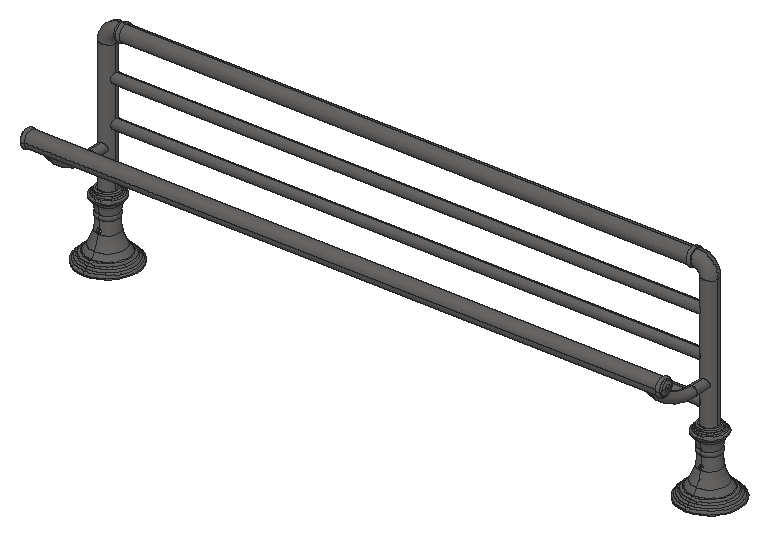
Revit family "Accessory-Towel_Bar-KOHLER-DEVONSHIRE-K-98072T_1", category Specialty Equipment, host Face, Revit 2021
Family settings
  Host = Face
  Round Connector Dimension = Use Diameter
  Part Type = Normal
  OmniClass Number = 23.31.25.25
  OmniClass Title = Towel Bars
  Cut with Voids When Loaded = No
  Shared = No
  Room Calculation Point = No
Parameters (values of type "2BZ-Oil Rubbed Bronze")
  Width = 8 189/256"  # constant formula
  WaterSense Certified = 1 = 0  # no
  URL = "http://www.kohler.com.cn/"
  Type = 1
  Product Page URL = "https://www.kohler.com.cn/product/K-98072T-CP/K-98072T-2BZ/"
  Product Name = "Devonshire"  # constant formula
  Product Documentation Link = "https://files.kohler.com.cn/pdfs/98072t.pdf"
  Model = if(Type = 1, "K-98072T-2BZ", if(Type = 2, "K-98072T-CP", "NA"))  # "K-98072T-2BZ"
  Material = "Premium Metal Construction"  # constant formula
  Master Format 2014 Name = "Toilet, Bath, and Laundry Accessories"  # constant formula
  Master Format 2014 = "10 28 00"  # constant formula
  Manufacturer Address = "Kohler Beijing Office (100016) 36-2-03-B, No. 88, Liuxiang Road, Beijing"  # constant formula
  Manufacturer = "Kohler Co."  # constant formula
  Length = 26 105/256"  # constant formula
  Height = 4.6378"  # constant formula
  Finish = Kohler-Metal-2BZ-Oil_Rubbed_Bronze
  Environmental Product Declaration = ""
  Description = "Double Shelf"  # constant formula
  Default Elevation = 42"
  Declare Label = ""
  Date Modified = "12/28/2022"  # constant formula
  Date Created = "12/28/2022"  # constant formula
  Copyright = "Copyright Kohler Co."  # constant formula
  Contact Us = "http://www.kohler.com.cn/contact/contact-us/"
  Assembly Code = "C1030200"
  ADA Compliant = 1 = 0  # no
Types (3): name | Type | Product Page URL | Model | Finish
  (no name) | 1 | "https://www.kohler.com.cn/product/K-98072T-CP/K-98072T-2BZ/" | "K-98072T-2BZ" | Kohler-Metal-2BZ-Oil_Rubbed_Bronze
  2BZ-Oil Rubbed Bronze | 1 | "https://www.kohler.com.cn/product/K-98072T-CP/K-98072T-2BZ/" | "K-98072T-2BZ" | Kohler-Metal-2BZ-Oil_Rubbed_Bronze
  CP-Polished Chrome | 2 | "https://www.kohler.com.cn/product/K-98072T-CP/K-98072T-CP/" | "K-98072T-CP" | Kohler-Metal-CP-Polished_Chrome
Reference planes (in)
  plane 1 "Center (Front/Back)": y = 0
  plane 2: z = 0
  plane 3 "Center (Left/Right)": x = 0
  plane 4: y = -1.19685
  plane 5: y = 1.19768
  plane 6: z = 8.73828
  plane 7: z = 8.69455
  plane 8: y = -3.44011
  plane 9: z = 6.45512
  plane 10: z = 4.81785
  plane 11: z = 6.84882
  plane 12: z = 3.15088
  plane 13: z = 3.54458
  plane 14: y = -3.12992
  plane 15: y = -2.8189
  plane 16: z = 8.07248
  plane 17: x = 13.20472
  plane 18: x = 10.81102
  plane 19: x = -13.20543
  plane 20: x = -12.00787
  plane 21: x = -10.81102
  plane 22: x = 12.00787
  plane 23: x = -11.69291
  plane 24: x = -12.32283
  plane 25: x = 12.32283
  plane 26: x = 11.69291
  plane 27: z = 5.21205
  plane 28: y = 0.30891
  plane 29: z = 8.38353
Dimensions and locks (in)
  plane 5 to plane 4 = 2 101/256"
  "Length": plane 19 to plane 17
  "Width": level to plane 6
  "Height": plane 5 to plane 8
  plane 20 to plane 22 = 24.01575"
  plane 29 to level = 8.38353"
  aligned and locked: plane 2 to host face
  aligned and locked: level to host face
Automatic sketch dimensions
  host sketch curve to host sketch curve = 96"  (x2)
Nested families (in)
  nested 1: "K-98072T" at (0, 0, 0), type "K-98072T"
Definition of nested family "K-98072T"
  Parameters
    Material = none
    Default Elevation = 0"
  Reference planes (in)
    plane 1 "Center (Front/Back)": y = 0
    plane 2: z = 0
    plane 3 "Center (Left/Right)": x = 0
    plane 4: y = 1.19685
    plane 5: y = -1.19685
    plane 6: y = -3.12992
    plane 7: y = -2.8189
    plane 8: y = -3.44094
    plane 9: x = -12.00787
    plane 10: x = 12.00787
    plane 11: x = 11.69291
    plane 12: x = 12.32283
    plane 13: x = -12.32283
    plane 14: x = -11.69291
    plane 15: z = 3.54458
    plane 16: z = 3.15088
    plane 17: z = 5.21155
    plane 18: z = 4.81785
    plane 19 "a": z = 8.69455
    plane 20: z = 8.07248
    plane 21: z = 6.84882
    plane 22: z = 6.45512
    plane 23: x = 13.20472
    plane 24: x = 10.81102
    plane 25: x = -10.81102
    plane 26: x = -13.20472
    plane 27: z = 8.73678
  Forms (in)
    Revolve 1, solid, material <- "Material", detail levels medium+fine
      sketch origin (-12.01149, 0, 0) x (0, 1, 0) y (0, 0, 1)
        loop
          line (-0.00212, 0) -> (1.19532, 0) -> (1.19532, 0.03442)
          arc (1.19532, 0.03442) -> (1.1776, 0.08315) -> (1.13272, 0.10911) r 0.07585
          arc (1.13272, 0.10911) -> (1.08626, 0.13301) -> (1.06137, 0.17896) r 0.08851
          arc (1.06137, 0.17896) -> (1.0405, 0.21754) -> (1.00153, 0.23767) r 0.07443
          arc (1.00153, 0.23767) -> (0.95763, 0.26042) -> (0.9343, 0.30402) r 0.08347
          arc (0.9343, 0.30402) -> (0.90529, 0.35283) -> (0.85181, 0.37193) r 0.08378
          arc (0.85181, 0.37193) -> (0.82701, 0.37754) -> (0.80712, 0.3934) r 0.05691
          arc (0.80712, 0.3934) -> (0.7278, 0.4996) -> (0.65514, 0.61047) r 2.16009
          arc (0.65514, 0.61047) -> (0.52581, 0.868) -> (0.44141, 1.14355) r 1.71583
          arc (0.44141, 1.14355) -> (0.40137, 1.38985) -> (0.38713, 1.63896) r 2.39971
          arc (0.38713, 1.63896) -> (0.44395, 1.72305) -> (0.39245, 1.8105) r 0.09503
          arc (0.39245, 1.8105) -> (0.42873, 1.99377) -> (0.49725, 2.16759) r 1.03932
          arc (0.49725, 2.16759) -> (0.55077, 2.25121) -> (0.62039, 2.32199) r 0.47865
          arc (0.62039, 2.32199) -> (0.63102, 2.3353) -> (0.63539, 2.35176) r 0.04141
          arc (0.63539, 2.35176) -> (0.61848, 2.41011) -> (0.56902, 2.44539) r 0.0925
          arc (0.56902, 2.44539) -> (0.54371, 2.46235) -> (0.53271, 2.49077) r 0.05064
          arc (0.53271, 2.49077) -> (0.51996, 2.52326) -> (0.49071, 2.54229) r 0.05718
          arc (0.49071, 2.54229) -> (0.47698, 2.5501) -> (0.4687, 2.56354) r 0.03182
          arc (0.4687, 2.56354) -> (0.45945, 2.58669) -> (0.44668, 2.6081) r 0.15838
          arc (0.44668, 2.6081) -> (0.42295, 2.62874) -> (0.39238, 2.63617) r 0.06655
          line (0.39238, 2.63617) -> (-0.00212, 2.63617) -> (-0.00212, 0)
        axis (-0.00212, 0) -> (-0.00212, 2.63617)
      angle from 0 to 360
    Revolve 2, solid, material <- "Material", detail levels medium+fine
      sketch origin (12.01149, 0, 0) x (0, 1, 0) y (0, 0, -1)
        loop
          line (-0.00212, 0) -> (-0.00212, -2.63617) -> (0.39238, -2.63617)
          arc (0.39238, -2.63617) -> (0.42295, -2.62874) -> (0.44668, -2.6081) r 0.06655
          arc (0.44668, -2.6081) -> (0.45945, -2.58669) -> (0.4687, -2.56354) r 0.15838
          arc (0.4687, -2.56354) -> (0.47698, -2.5501) -> (0.49071, -2.54229) r 0.03182
          arc (0.49071, -2.54229) -> (0.51996, -2.52326) -> (0.53271, -2.49077) r 0.05718
          arc (0.53271, -2.49077) -> (0.54371, -2.46235) -> (0.56902, -2.44539) r 0.05064
          arc (0.56902, -2.44539) -> (0.61848, -2.41011) -> (0.63539, -2.35176) r 0.0925
          arc (0.63539, -2.35176) -> (0.63102, -2.3353) -> (0.62039, -2.32199) r 0.04141
          arc (0.62039, -2.32199) -> (0.55077, -2.25121) -> (0.49725, -2.16759) r 0.47865
          arc (0.49725, -2.16759) -> (0.42873, -1.99377) -> (0.39245, -1.8105) r 1.03932
          arc (0.39245, -1.8105) -> (0.44395, -1.72305) -> (0.38713, -1.63896) r 0.09503
          arc (0.38713, -1.63896) -> (0.40137, -1.38985) -> (0.44141, -1.14355) r 2.39971
          arc (0.44141, -1.14355) -> (0.52581, -0.868) -> (0.65514, -0.61047) r 1.71583
          arc (0.65514, -0.61047) -> (0.7278, -0.4996) -> (0.80712, -0.3934) r 2.16009
          arc (0.80712, -0.3934) -> (0.82701, -0.37754) -> (0.85181, -0.37193) r 0.05691
          arc (0.85181, -0.37193) -> (0.90529, -0.35283) -> (0.9343, -0.30402) r 0.08378
          arc (0.9343, -0.30402) -> (0.95763, -0.26042) -> (1.00153, -0.23767) r 0.08347
          arc (1.00153, -0.23767) -> (1.0405, -0.21754) -> (1.06137, -0.17896) r 0.07443
          arc (1.06137, -0.17896) -> (1.08626, -0.13301) -> (1.13272, -0.10911) r 0.08851
          arc (1.13272, -0.10911) -> (1.1776, -0.08315) -> (1.19532, -0.03442) r 0.07585
          line (1.19532, -0.03442) -> (1.19532, 0) -> (-0.00212, 0)
        axis (-0.00212, 0) -> (-0.00212, -2.63617)
      angle from 0 to 360
    Sweep 3, solid, material <- "Material", detail levels medium+fine
      path origin (0, 0, 0) x (1, 0, 0) y (0, 0, 1)
        loop
          line (-12.01149, 0) -> (-12.01149, 7.8867)
          arc (-12.01149, 7.8867) -> (-11.86597, 8.23801) -> (-11.51466, 8.38353) r 0.49683
          line (-11.51466, 8.38353) -> (-11.45308, 8.38353)
      profile origin (-12.01149, 0, 3.94335) x (-1, 0, 0) y (0, -1, 0)
        loop
          circle (0, 0) r 0.31496
    Revolve 4, solid, material <- "Material", detail levels medium+fine
      sketch origin (0, 0, 0) x (1, 0, 0) y (0, 0, 1)
        loop
          line (11.45308, 8.38353) -> (11.45308, 8.69457)
          arc (11.45308, 8.69457) -> (11.38615, 8.7363) -> (11.31922, 8.69457) r 0.07454
          line (11.31922, 8.69457) -> (-11.31922, 8.69457)
          arc (-11.31922, 8.69457) -> (-11.38615, 8.7363) -> (-11.45308, 8.69457) r 0.07454
          line (-11.45308, 8.69457) -> (-11.45308, 8.38353) -> (11.45308, 8.38353)
        axis (11.45308, 8.38353) -> (-11.45308, 8.38353)
      angle from 0 to 360
    Sweep 5, solid, material <- "Material", detail levels medium+fine
      path origin (0, 0, 0) x (-1, 0, 0) y (0, 0, -1)
        loop
          line (-12.01149, 0) -> (-12.01149, -7.8867)
          arc (-12.01149, -7.8867) -> (-11.86597, -8.23801) -> (-11.51466, -8.38353) r 0.49683
          line (-11.51466, -8.38353) -> (-11.45308, -8.38353)
      profile origin (12.01149, 0, 3.94335) x (-1, 0, 0) y (0, -1, 0)
        loop
          circle (0, 0) r 0.31496
    Revolve 6, solid, material <- "Material", detail levels medium+fine
      sketch origin (0, 0, 0) x (1, 0, 0) y (0, 0, 1)
        loop
          line (-11.75404, 5.21155) -> (-11.75404, 5.0147) -> (11.75362, 5.0147) -> (11.75362, 5.21155) -> (-11.75404, 5.21155)
        axis (-11.75404, 5.0147) -> (11.75362, 5.0147)
      angle from 0 to 360
    Revolve 7, solid, material <- "Material", detail levels medium+fine
      sketch origin (0, 0, 0) x (1, 0, 0) y (0, 0, 1)
        loop
          line (11.75362, 3.34773) -> (11.75362, 3.54458) -> (-11.85108, 3.54458) -> (-11.85108, 3.34773) -> (11.75362, 3.34773)
        axis (-11.85108, 3.34773) -> (11.75362, 3.34773)
      angle from 0 to 360
    Revolve 8, solid, material <- "Material", detail levels medium+fine
      sketch origin (0, 0, 0) x (1, 0, 0) y (0, 0, 1)
        loop
          line (11.78095, 6.65197) -> (11.78095, 6.84882) -> (-11.76664, 6.84882) -> (-11.76664, 6.65197) -> (11.78095, 6.65197)
        axis (-11.76664, 6.65197) -> (11.78095, 6.65197)
      angle from 0 to 360
    Sweep 9, solid, material <- "Material"
      path origin (0, 0, 0) x (0, 1, 0) y (0, 0, 1)
        loop
          arc (-3.10692, 5.49892) -> (-2.1994, 4.52782) -> (-0.9195, 4.16935) r 2.46416
          line (-0.9195, 4.16935) -> (-0.24489, 4.16935)
      profile origin (0, -0.5822, 4.16935) x (0, 0, 1) y (1, 0, 0)
        loop
          circle (0, -12.00787) r 0.19685
    Sweep 10, solid, material <- "Material"
      path origin (0, 0, 0) x (0, 1, 0) y (0, 0, -1)
        loop
          arc (-3.10692, -5.49892) -> (-2.1994, -4.52782) -> (-0.9195, -4.16935) r 2.46416
          line (-0.9195, -4.16935) -> (-0.24489, -4.16935)
      profile origin (0, -0.5822, 4.16935) x (0, 0, -1) y (-1, 0, 0)
        loop
          circle (0, -12.00787) r 0.19685
    Revolve 11, solid, material <- "Material", detail levels medium+fine
      sketch origin (-0.00309, 0, 5.52299) x (1, 0, 0) y (0, 1, 0)
        loop
          line (-12.82858, -3.13054) -> (12.82243, -3.13054) -> (12.82243, -3.09201)
          arc (12.82243, -3.09201) -> (12.82023, -3.04796) -> (12.81368, -3.00434) r 0.44394
          arc (12.81368, -3.00434) -> (12.80025, -2.94508) -> (12.78397, -2.88653) r 1.25841
          arc (12.78397, -2.88653) -> (12.77275, -2.85964) -> (12.75642, -2.83552) r 0.14607
          line (12.75642, -2.83552) -> (12.72862, -2.81947)
          arc (12.72862, -2.81947) -> (12.66172, -2.77663) -> (12.59485, -2.8195) r 0.07362
          line (12.59485, -2.8195) -> (-12.60096, -2.8195)
          arc (-12.60096, -2.8195) -> (-12.66789, -2.77654) -> (-12.73482, -2.8195) r 0.07362
          line (-12.73482, -2.8195) -> (-12.76257, -2.83552)
          arc (-12.76257, -2.83552) -> (-12.7789, -2.85964) -> (-12.79012, -2.88653) r 0.14607
          arc (-12.79012, -2.88653) -> (-12.8064, -2.94508) -> (-12.81983, -3.00434) r 1.25841
          arc (-12.81983, -3.00434) -> (-12.82639, -3.04796) -> (-12.82858, -3.09201) r 0.44394
          line (-12.82858, -3.09201) -> (-12.82858, -3.13054)
        axis (12.82243, -3.13054) -> (-12.82858, -3.13054)
      angle from 0 to 360
    Revolve 12, void
      sketch origin (-12.01095, 0, 0) x (0, 1, 0) y (0, 0, 1)
        loop
          line (-0.48203, 1.34047) -> (-0.48203, 1.24803) -> (-0.14879, 1.24803) -> (-0.14879, 1.34047) -> (-0.48203, 1.34047)
        axis (-0.14879, 1.24803) -> (-0.48203, 1.24803)
      angle from 0 to 360
    Revolve 13, solid, detail levels medium+fine
      sketch origin (-12.01403, 0, 0) x (0, 1, 0) y (0, 0, 1)
        loop
          line (-0.16287, 1.33206) -> (-0.39712, 1.33206) -> (-0.39712, 1.247) -> (-0.16287, 1.247) -> (-0.16287, 1.33206)
        axis (-0.16287, 1.247) -> (-0.39712, 1.247)
      angle from 0 to 360
    Extrusion 14, void
      sketch origin (0, 0, 0) x (1, 0, 0) y (0, 0, 1)
        loop
          line (-11.96546, 1.24645) -> (-11.98878, 1.28683) -> (-12.03541, 1.28683) -> (-12.05873, 1.24645) -> (-12.03541, 1.20606) -> (-11.98878, 1.20606) -> (-11.96546, 1.24645)
      from 0.27347 to 0.4705
    Revolve 15, void
      sketch origin (12.01095, 0, 0) x (0, 1, 0) y (0, 0, -1)
        loop
          line (-0.48203, -1.34047) -> (-0.14879, -1.34047) -> (-0.14879, -1.24803) -> (-0.48203, -1.24803) -> (-0.48203, -1.34047)
        axis (-0.14879, -1.24803) -> (-0.48203, -1.24803)
      angle from 0 to 360
    Revolve 16, solid, detail levels medium+fine
      sketch origin (12.01403, 0, 0) x (0, 1, 0) y (0, 0, -1)
        loop
          line (-0.16287, -1.33426) -> (-0.16287, -1.247) -> (-0.39712, -1.247) -> (-0.39712, -1.33426) -> (-0.16287, -1.33426)
        axis (-0.16287, -1.247) -> (-0.39712, -1.247)
      angle from 0 to 360
    Extrusion 17, void
      sketch origin (0, 0, 0) x (-1, 0, 0) y (0, 0, -1)
        loop
          line (-11.96546, -1.24645) -> (-11.98878, -1.20606) -> (-12.03541, -1.20606) -> (-12.05873, -1.24645) -> (-12.03541, -1.28683) -> (-11.98878, -1.28683) -> (-11.96546, -1.24645)
      from 0.27347 to 0.4705
    Revolve 18, solid, material <- "Material", detail levels coarse
      sketch origin (12.01149, 0, 0) x (0, 1, 0) y (0, 0, 1)
        loop
          line (-0.00212, 0) -> (1.19532, 0) -> (1.19532, 0.05972) -> (0.8477, 0.40734) -> (0.38473, 1.63803)
          arc (0.38473, 1.63803) -> (0.44469, 1.72129) -> (0.39107, 1.80878) r 0.09264
          arc (0.39107, 1.80878) -> (0.46207, 2.06029) -> (0.60811, 2.27702) r 0.82568
          arc (0.60811, 2.27702) -> (0.62182, 2.36714) -> (0.58506, 2.45056) r 0.1632
          line (0.58506, 2.45056) -> (0.42931, 2.63617) -> (0, 2.63617) -> (-0.00212, 0)
        axis (-0.00212, 0) -> (0, 2.63652)
      angle from 0 to 360
    Revolve 19, solid, material <- "Material", detail levels coarse
      sketch origin (-12.01149, 0, 0) x (0, 1, 0) y (0, 0, -1)
        loop
          line (-0.00212, 0) -> (0, -2.63617) -> (0.42931, -2.63617) -> (0.58506, -2.45056)
          arc (0.58506, -2.45056) -> (0.62182, -2.36714) -> (0.60811, -2.27702) r 0.1632
          arc (0.60811, -2.27702) -> (0.46207, -2.06029) -> (0.39107, -1.80878) r 0.82568
          arc (0.39107, -1.80878) -> (0.44469, -1.72129) -> (0.38473, -1.63803) r 0.09264
          line (0.38473, -1.63803) -> (0.8477, -0.40734) -> (1.19532, -0.05972) -> (1.19532, 0) -> (-0.00212, 0)
        axis (-0.00212, 0) -> (0, -2.63652)
      angle from 0 to 360
    Sweep 20, solid, material <- "Material", detail levels coarse
      path origin (0, 0, 0) x (1, 0, 0) y (0, 0, 1)
        loop
          line (-12.01149, 2.63617) -> (-12.01149, 7.79298)
          arc (-12.01149, 7.79298) -> (-11.83852, 8.21056) -> (-11.42094, 8.38353) r 0.59055
          line (-11.42094, 8.38353) -> (11.42094, 8.38353)
          arc (11.42094, 8.38353) -> (11.83852, 8.21056) -> (12.01149, 7.79298) r 0.59055
          line (12.01149, 7.79298) -> (12.01149, 2.63617)
      profile origin (-12.01149, 0, 5.21458) x (-1, 0, 0) y (0, -1, 0)
        loop
          circle (0, 0) r 0.31762
    Extrusion 21, solid, material <- "Material", detail levels coarse
      sketch origin (0, 0, 0) x (0, 1, 0) y (0, 0, 1)
        loop
          circle (0, 6.65197) r 0.19685
        loop
          circle (0, 5.0147) r 0.19685
        loop
          circle (0, 3.34773) r 0.19685
      from -11.75404 to 11.75362
    Extrusion 22, solid, material <- "Material", detail levels coarse
      sketch origin (0, 0, 0) x (0, 1, 0) y (0, 0, 1)
        loop
          circle (-3.13054, 5.52299) r 0.31104
      from -12.60405 to 12.59177
  Cuts and joins
    Revolve 12, Revolve 15, Extrusion 17 cuts Revolve 1
    Revolve 12, Revolve 15, Extrusion 17 cuts Revolve 2
    Revolve 15, Extrusion 17 cuts Sweep 3
    Revolve 15, Extrusion 17 cuts Revolve 4
    Revolve 15, Extrusion 17 cuts Sweep 5
    Revolve 15, Extrusion 17 cuts Revolve 6
    Revolve 15, Extrusion 17 cuts Revolve 7
    Revolve 15, Extrusion 17 cuts Revolve 8
    joined: Revolve 1, Revolve 2, Sweep 3, Revolve 4, Sweep 5, Revolve 6, Revolve 7, Revolve 8
    Extrusion 14, Revolve 15, Extrusion 17 cuts Revolve 13
    Extrusion 17 cuts Revolve 16
  Lines and regions (in)
    Masking region 1
      outline origin (0, 0, 0) x (1, 0, 0) y (0, 1, 0)
        loop
          arc (-10.85173, 0.30948) -> (-12.89275, 0.80588) -> (-12.2082, -1.17997) r 1.19685
          line (-12.2082, -1.17997) -> (-12.2082, -2.8189) -> (-12.60204, -2.8189)
          arc (-12.60204, -2.8189) -> (-12.66992, -2.77666) -> (-12.73669, -2.82063) r 0.07414
          arc (-12.73669, -2.82063) -> (-12.7568, -2.83315) -> (-12.77147, -2.85176) r 0.06879
          arc (-12.77147, -2.85176) -> (-12.81461, -2.96266) -> (-12.82929, -3.08076) r 0.48241
          line (-12.82929, -3.08076) -> (-12.82929, -3.12992) -> (-12.82929, -3.17909)
          arc (-12.82929, -3.17909) -> (-12.81461, -3.29718) -> (-12.77147, -3.40809) r 0.48241
          arc (-12.77147, -3.40809) -> (-12.7568, -3.42669) -> (-12.73669, -3.43921) r 0.06879
          arc (-12.73669, -3.43921) -> (-12.66992, -3.48318) -> (-12.60204, -3.44094) r 0.07414
          line (-12.60204, -3.44094) -> (-12.2082, -3.44094) -> (12.18887, -3.44094) -> (12.59589, -3.44094)
          arc (12.59589, -3.44094) -> (12.66377, -3.48318) -> (12.73054, -3.43921) r 0.07414
          arc (12.73054, -3.43921) -> (12.75065, -3.42669) -> (12.76532, -3.40809) r 0.06879
          arc (12.76532, -3.40809) -> (12.80846, -3.29718) -> (12.82314, -3.17909) r 0.48241
          line (12.82314, -3.17909) -> (12.82314, -3.12992) -> (12.82314, -3.08076)
          arc (12.82314, -3.08076) -> (12.80846, -2.96266) -> (12.76532, -2.85176) r 0.48241
          arc (12.76532, -2.85176) -> (12.75065, -2.83315) -> (12.73054, -2.82063) r 0.06879
          arc (12.73054, -2.82063) -> (12.66377, -2.77666) -> (12.59589, -2.8189) r 0.07414
          line (12.59589, -2.8189) -> (12.2082, -2.8189) -> (12.2082, -1.1815)
          arc (12.2082, -1.1815) -> (12.89329, 0.80375) -> (10.85214, 0.30948) r 1.19685
          line (10.85214, 0.30948) -> (-10.85173, 0.30948)
        loop
          arc (-10.85173, -0.30948) -> (-11.2048, -0.88743) -> (-11.81503, -1.18121) r 1.19685
          line (-11.81503, -1.18121) -> (-11.81503, -2.8189) -> (11.81503, -2.8189) -> (11.81503, -1.18121)
          arc (11.81503, -1.18121) -> (11.2048, -0.88743) -> (10.85173, -0.30948) r 1.19685
          line (10.85173, -0.30948) -> (-10.85173, -0.30948)
    Masking region 2
      outline origin (0, 0, 0) x (1, 0, 0) y (0, 0, 1)
        loop
          line (13.20472, 0) -> (13.20472, 0.03347)
          arc (13.20472, 0.03347) -> (13.18531, 0.08538) -> (13.1366, 0.1118) r 0.0791
          arc (13.1366, 0.1118) -> (13.09235, 0.13343) -> (13.06939, 0.17701) r 0.07936
          arc (13.06939, 0.17701) -> (13.04775, 0.21852) -> (13.00598, 0.23965) r 0.07648
          arc (13.00598, 0.23965) -> (12.96276, 0.26154) -> (12.94048, 0.30456) r 0.07895
          arc (12.94048, 0.30456) -> (12.91265, 0.35293) -> (12.85997, 0.3714) r 0.08012
          arc (12.85997, 0.3714) -> (12.83117, 0.37854) -> (12.80979, 0.39913) r 0.05737
          arc (12.80979, 0.39913) -> (12.78108, 0.43463) -> (12.75358, 0.47107) r 1.36584
          arc (12.75358, 0.47107) -> (12.63862, 0.64879) -> (12.54411, 0.83819) r 1.90289
          arc (12.54411, 0.83819) -> (12.47601, 1.02656) -> (12.4311, 1.22176) r 1.66052
          arc (12.4311, 1.22176) -> (12.40427, 1.43091) -> (12.39349, 1.6415) r 2.75827
          arc (12.39349, 1.6415) -> (12.45299, 1.726) -> (12.39349, 1.8105) r 0.08975
          arc (12.39349, 1.8105) -> (12.40652, 1.90814) -> (12.42768, 2.00436) r 1.17573
          arc (12.42768, 2.00436) -> (12.47306, 2.12152) -> (12.54316, 2.2258) r 0.56623
          arc (12.54316, 2.2258) -> (12.58644, 2.27555) -> (12.63099, 2.32418) r 2.56581
          arc (12.63099, 2.32418) -> (12.63922, 2.33741) -> (12.64173, 2.35279) r 0.03966
          arc (12.64173, 2.35279) -> (12.6195, 2.41408) -> (12.56569, 2.45088) r 0.10635
          arc (12.56569, 2.45088) -> (12.54912, 2.46222) -> (12.54231, 2.4811) r 0.03269
          arc (12.54231, 2.4811) -> (12.52878, 2.51974) -> (12.49567, 2.54382) r 0.06869
          arc (12.49567, 2.54382) -> (12.48229, 2.55254) -> (12.47476, 2.56662) r 0.03212
          arc (12.47476, 2.56662) -> (12.46402, 2.59302) -> (12.44611, 2.6152) r 0.09756
          arc (12.44611, 2.6152) -> (12.43052, 2.62692) -> (12.4129, 2.63531) r 0.09756
          line (12.4129, 2.63531) -> (12.37317, 2.63531)
          arc (12.37317, 2.63531) -> (12.38869, 2.64268) -> (12.3928, 2.65936) r 0.02003
          arc (12.3928, 2.65936) -> (12.37982, 2.72789) -> (12.36886, 2.79678) r 2.36923
          arc (12.36886, 2.79678) -> (12.33663, 3.07169) -> (12.31894, 3.34792) r 5.25063
          line (12.31894, 3.34792) -> (12.32284, 5.2115) -> (12.59481, 5.2115)
          arc (12.59481, 5.2115) -> (12.66174, 5.16774) -> (12.72867, 5.2115) r 0.07307
          arc (12.72867, 5.2115) -> (12.75176, 5.22014) -> (12.7668, 5.23968) r 0.04488
          arc (12.7668, 5.23968) -> (12.78606, 5.29224) -> (12.80251, 5.34575) r 1.05595
          arc (12.80251, 5.34575) -> (12.81711, 5.41642) -> (12.82201, 5.48842) r 0.53155
          line (12.82201, 5.48842) -> (12.82201, 5.56383)
          arc (12.82201, 5.56383) -> (12.81258, 5.66573) -> (12.78461, 5.76417) r 0.55521
          arc (12.78461, 5.76417) -> (12.76205, 5.80323) -> (12.72867, 5.83357) r 0.14642
          arc (12.72867, 5.83357) -> (12.66174, 5.87721) -> (12.59481, 5.83357) r 0.07314
          line (12.59481, 5.83357) -> (12.32283, 5.83357) -> (12.32283, 7.74795)
          arc (12.32283, 7.74795) -> (12.09767, 8.41394) -> (11.45308, 8.69457) r 0.86775
          arc (11.45308, 8.69457) -> (11.38614, 8.73725) -> (11.31921, 8.69455) r 0.07382
          line (11.31921, 8.69455) -> (-11.32536, 8.69455)
          arc (-11.32536, 8.69455) -> (-11.39228, 8.73725) -> (-11.45922, 8.69459) r 0.07382
          arc (-11.45922, 8.69459) -> (-12.09974, 8.41167) -> (-12.32283, 7.74795) r 0.86775
          line (-12.32283, 7.74795) -> (-12.32283, 5.83357) -> (-12.59481, 5.83357)
          arc (-12.59481, 5.83357) -> (-12.66174, 5.87721) -> (-12.72867, 5.83357) r 0.07314
          arc (-12.72867, 5.83357) -> (-12.76205, 5.80323) -> (-12.78461, 5.76417) r 0.14642
          arc (-12.78461, 5.76417) -> (-12.81258, 5.66573) -> (-12.82201, 5.56383) r 0.55521
          line (-12.82201, 5.56383) -> (-12.82201, 5.48842)
          arc (-12.82201, 5.48842) -> (-12.81711, 5.41642) -> (-12.80251, 5.34575) r 0.53155
          arc (-12.80251, 5.34575) -> (-12.78606, 5.29224) -> (-12.7668, 5.23968) r 1.05595
          arc (-12.7668, 5.23968) -> (-12.75176, 5.22014) -> (-12.72867, 5.2115) r 0.04488
          arc (-12.72867, 5.2115) -> (-12.66174, 5.16774) -> (-12.59481, 5.2115) r 0.07307
          line (-12.59481, 5.2115) -> (-12.32284, 5.2115)
          arc (-12.32284, 5.2115) -> (-12.32406, 4.76402) -> (-12.31542, 4.31662) r 20.30524
          line (-12.31542, 4.31662) -> (-12.31894, 3.34792)
          arc (-12.31894, 3.34792) -> (-12.33663, 3.07169) -> (-12.36886, 2.79678) r 5.25063
          arc (-12.36886, 2.79678) -> (-12.37982, 2.72789) -> (-12.3928, 2.65936) r 2.36923
          arc (-12.3928, 2.65936) -> (-12.38869, 2.64268) -> (-12.37317, 2.63531) r 0.02003
          line (-12.37317, 2.63531) -> (-12.4129, 2.63531)
          arc (-12.4129, 2.63531) -> (-12.43052, 2.62692) -> (-12.44611, 2.6152) r 0.09756
          arc (-12.44611, 2.6152) -> (-12.46402, 2.59302) -> (-12.47476, 2.56662) r 0.09756
          arc (-12.47476, 2.56662) -> (-12.48229, 2.55254) -> (-12.49567, 2.54382) r 0.03212
          arc (-12.49567, 2.54382) -> (-12.52878, 2.51974) -> (-12.54231, 2.4811) r 0.06869
          arc (-12.54231, 2.4811) -> (-12.54912, 2.46222) -> (-12.56569, 2.45088) r 0.03269
          arc (-12.56569, 2.45088) -> (-12.6195, 2.41408) -> (-12.64173, 2.35279) r 0.10635
          arc (-12.64173, 2.35279) -> (-12.63922, 2.33741) -> (-12.63099, 2.32418) r 0.03966
          arc (-12.63099, 2.32418) -> (-12.58644, 2.27555) -> (-12.54316, 2.2258) r 2.56581
          arc (-12.54316, 2.2258) -> (-12.47306, 2.12152) -> (-12.42768, 2.00436) r 0.56623
          arc (-12.42768, 2.00436) -> (-12.40652, 1.90814) -> (-12.39349, 1.8105) r 1.17573
          arc (-12.39349, 1.8105) -> (-12.45299, 1.726) -> (-12.39349, 1.6415) r 0.08975
          arc (-12.39349, 1.6415) -> (-12.40427, 1.43091) -> (-12.4311, 1.22176) r 2.75827
          arc (-12.4311, 1.22176) -> (-12.47601, 1.02656) -> (-12.54411, 0.83819) r 1.66052
          arc (-12.54411, 0.83819) -> (-12.63862, 0.64879) -> (-12.75358, 0.47107) r 1.90289
          arc (-12.75358, 0.47107) -> (-12.78108, 0.43463) -> (-12.80979, 0.39913) r 1.36584
          arc (-12.80979, 0.39913) -> (-12.83117, 0.37854) -> (-12.85997, 0.3714) r 0.05737
          arc (-12.85997, 0.3714) -> (-12.91265, 0.35293) -> (-12.94048, 0.30456) r 0.08012
          arc (-12.94048, 0.30456) -> (-12.96276, 0.26154) -> (-13.00598, 0.23965) r 0.07895
          arc (-13.00598, 0.23965) -> (-13.04775, 0.21852) -> (-13.06939, 0.17701) r 0.07648
          arc (-13.06939, 0.17701) -> (-13.09235, 0.13343) -> (-13.1366, 0.1118) r 0.07936
          arc (-13.1366, 0.1118) -> (-13.18531, 0.08538) -> (-13.20472, 0.03347) r 0.0791
          line (-13.20472, 0.03347) -> (-13.20472, 0) -> (-10.81102, 0) -> (-10.81102, 0.03347)
          arc (-10.81102, 0.03347) -> (-10.83044, 0.08538) -> (-10.87915, 0.1118) r 0.0791
          arc (-10.87915, 0.1118) -> (-10.9234, 0.13343) -> (-10.94636, 0.17701) r 0.07936
          arc (-10.94636, 0.17701) -> (-10.968, 0.21852) -> (-11.00977, 0.23965) r 0.07648
          arc (-11.00977, 0.23965) -> (-11.05298, 0.26154) -> (-11.07527, 0.30456) r 0.07895
          arc (-11.07527, 0.30456) -> (-11.1031, 0.35293) -> (-11.15577, 0.3714) r 0.08012
          arc (-11.15577, 0.3714) -> (-11.18458, 0.37854) -> (-11.20596, 0.39913) r 0.05737
          arc (-11.20596, 0.39913) -> (-11.23467, 0.43463) -> (-11.26217, 0.47107) r 1.36584
          arc (-11.26217, 0.47107) -> (-11.37713, 0.64879) -> (-11.47164, 0.83819) r 1.90289
          arc (-11.47164, 0.83819) -> (-11.53973, 1.02656) -> (-11.58465, 1.22176) r 1.66052
          arc (-11.58465, 1.22176) -> (-11.61148, 1.43091) -> (-11.62225, 1.6415) r 2.75827
          arc (-11.62225, 1.6415) -> (-11.56275, 1.726) -> (-11.62225, 1.8105) r 0.08975
          arc (-11.62225, 1.8105) -> (-11.60923, 1.90814) -> (-11.58807, 2.00436) r 1.17573
          arc (-11.58807, 2.00436) -> (-11.54269, 2.12152) -> (-11.47259, 2.2258) r 0.56623
          arc (-11.47259, 2.2258) -> (-11.4293, 2.27555) -> (-11.38476, 2.32418) r 2.56581
          arc (-11.38476, 2.32418) -> (-11.37653, 2.33741) -> (-11.37402, 2.35279) r 0.03966
          arc (-11.37402, 2.35279) -> (-11.39625, 2.41408) -> (-11.45006, 2.45088) r 0.10635
          arc (-11.45006, 2.45088) -> (-11.46663, 2.46222) -> (-11.47344, 2.4811) r 0.03269
          arc (-11.47344, 2.4811) -> (-11.48697, 2.51974) -> (-11.52008, 2.54382) r 0.06869
          arc (-11.52008, 2.54382) -> (-11.53346, 2.55254) -> (-11.54099, 2.56662) r 0.03212
          arc (-11.54099, 2.56662) -> (-11.55173, 2.59302) -> (-11.56963, 2.6152) r 0.09756
          arc (-11.56963, 2.6152) -> (-11.58523, 2.62692) -> (-11.60285, 2.63531) r 0.09756
          line (-11.60285, 2.63531) -> (-11.64258, 2.63531)
          arc (-11.64258, 2.63531) -> (-11.62706, 2.64268) -> (-11.62295, 2.65936) r 0.02003
          arc (-11.62295, 2.65936) -> (-11.63593, 2.72789) -> (-11.64689, 2.79678) r 2.36923
          arc (-11.64689, 2.79678) -> (-11.67112, 2.97367) -> (-11.69291, 3.15088) r 12.934
          line (-11.69291, 3.15088) -> (11.69291, 3.15088)
          arc (11.69291, 3.15088) -> (11.67112, 2.97367) -> (11.64689, 2.79678) r 12.934
          arc (11.64689, 2.79678) -> (11.63593, 2.72789) -> (11.62295, 2.65936) r 2.36923
          arc (11.62295, 2.65936) -> (11.62706, 2.64268) -> (11.64258, 2.63531) r 0.02003
          line (11.64258, 2.63531) -> (11.60285, 2.63531)
          arc (11.60285, 2.63531) -> (11.58523, 2.62692) -> (11.56963, 2.6152) r 0.09756
          arc (11.56963, 2.6152) -> (11.55173, 2.59302) -> (11.54099, 2.56662) r 0.09756
          arc (11.54099, 2.56662) -> (11.53346, 2.55254) -> (11.52008, 2.54382) r 0.03212
          arc (11.52008, 2.54382) -> (11.48697, 2.51974) -> (11.47344, 2.4811) r 0.06869
          arc (11.47344, 2.4811) -> (11.46663, 2.46222) -> (11.45006, 2.45088) r 0.03269
          arc (11.45006, 2.45088) -> (11.39625, 2.41408) -> (11.37402, 2.35279) r 0.10635
          arc (11.37402, 2.35279) -> (11.37653, 2.33741) -> (11.38476, 2.32418) r 0.03966
          arc (11.38476, 2.32418) -> (11.4293, 2.27555) -> (11.47259, 2.2258) r 2.56581
          arc (11.47259, 2.2258) -> (11.54269, 2.12152) -> (11.58807, 2.00436) r 0.56623
          arc (11.58807, 2.00436) -> (11.60923, 1.90814) -> (11.62225, 1.8105) r 1.17573
          arc (11.62225, 1.8105) -> (11.56275, 1.726) -> (11.62225, 1.6415) r 0.08975
          arc (11.62225, 1.6415) -> (11.61148, 1.43091) -> (11.58465, 1.22176) r 2.75827
          arc (11.58465, 1.22176) -> (11.53973, 1.02656) -> (11.47164, 0.83819) r 1.66052
          arc (11.47164, 0.83819) -> (11.37713, 0.64879) -> (11.26217, 0.47107) r 1.90289
          arc (11.26217, 0.47107) -> (11.23467, 0.43463) -> (11.20596, 0.39913) r 1.36584
          arc (11.20596, 0.39913) -> (11.18458, 0.37854) -> (11.15577, 0.3714) r 0.05737
          arc (11.15577, 0.3714) -> (11.1031, 0.35293) -> (11.07527, 0.30456) r 0.08012
          arc (11.07527, 0.30456) -> (11.05298, 0.26154) -> (11.00977, 0.23965) r 0.07895
          arc (11.00977, 0.23965) -> (10.968, 0.21852) -> (10.94636, 0.17701) r 0.07648
          arc (10.94636, 0.17701) -> (10.9234, 0.13343) -> (10.87915, 0.1118) r 0.07936
          arc (10.87915, 0.1118) -> (10.83044, 0.08538) -> (10.81102, 0.03347) r 0.0791
          line (10.81102, 0.03347) -> (10.81102, 0) -> (13.20472, 0)
        loop
          line (11.69291, 4.81785) -> (-11.69291, 4.81785) -> (-11.69291, 3.54458) -> (11.69291, 3.54458) -> (11.69291, 4.81785)
        loop
          line (-11.69291, 6.45512) -> (-11.69291, 5.83357) -> (11.69291, 5.83357) -> (11.69291, 6.45512) -> (-11.69291, 6.45512)
        loop
          arc (-11.45308, 8.07248) -> (-11.60533, 8.01609) -> (-11.69291, 7.87939) r 0.25565
          line (-11.69291, 7.87939) -> (-11.69291, 6.84882) -> (11.69291, 6.84882) -> (11.69291, 7.75453)
          arc (11.69291, 7.75453) -> (11.6491, 7.97091) -> (11.45308, 8.07248) r 0.25565
          arc (11.45308, 8.07248) -> (11.38615, 8.02815) -> (11.31922, 8.07248) r 0.07269
          line (11.31922, 8.07248) -> (-11.32537, 8.07248)
          arc (-11.32537, 8.07248) -> (-11.39216, 8.02816) -> (-11.45912, 8.07222) r 0.07269
    Masking region 3
      outline origin (0, 0, 0) x (0, 1, 0) y (0, 0, 1)
        loop
          line (-0.00212, 0) -> (1.19532, 0) -> (1.19532, 0.03182)
          arc (1.19532, 0.03182) -> (1.17657, 0.08357) -> (1.12901, 0.11128) r 0.08076
          arc (1.12901, 0.11128) -> (1.08448, 0.13487) -> (1.06172, 0.17982) r 0.08327
          arc (1.06172, 0.17982) -> (1.0412, 0.21915) -> (1.00128, 0.23849) r 0.07065
          arc (1.00128, 0.23849) -> (0.95741, 0.25969) -> (0.93471, 0.3028) r 0.07788
          arc (0.93471, 0.3028) -> (0.9031, 0.35573) -> (0.84399, 0.37324) r 0.08477
          arc (0.84399, 0.37324) -> (0.82388, 0.37717) -> (0.80886, 0.39109) r 0.03744
          arc (0.80886, 0.39109) -> (0.76234, 0.4642) -> (0.71291, 0.53537) r 2.14745
          arc (0.71291, 0.53537) -> (0.48429, 0.97749) -> (0.3965, 1.46742) r 1.66585
          arc (0.3965, 1.46742) -> (0.39296, 1.55452) -> (0.38712, 1.6415) r 3.29361
          arc (0.38712, 1.6415) -> (0.44682, 1.7242) -> (0.39245, 1.8105) r 0.09116
          arc (0.39245, 1.8105) -> (0.40261, 1.87969) -> (0.41672, 1.94818) r 1.2201
          arc (0.41672, 1.94818) -> (0.43121, 2.00366) -> (0.44828, 2.05839) r 1.2201
          arc (0.44828, 2.05839) -> (0.51881, 2.20309) -> (0.62362, 2.32526) r 0.63184
          arc (0.62362, 2.32526) -> (0.63482, 2.34325) -> (0.63475, 2.36444) r 0.03835
          arc (0.63475, 2.36444) -> (0.61509, 2.4152) -> (0.57019, 2.44597) r 0.09203
          arc (0.57019, 2.44597) -> (0.55591, 2.4527) -> (0.54405, 2.46312) r 0.05655
          arc (0.54405, 2.46312) -> (0.53605, 2.4763) -> (0.53273, 2.49135) r 0.04709
          arc (0.53273, 2.49135) -> (0.52006, 2.52472) -> (0.49034, 2.54448) r 0.0584
          arc (0.49034, 2.54448) -> (0.47427, 2.5544) -> (0.46582, 2.57128) r 0.03456
          arc (0.46582, 2.57128) -> (0.44395, 2.61324) -> (0.40254, 2.63614) r 0.08201
          line (0.40254, 2.63614) -> (0.36667, 2.63614)
          arc (0.36667, 2.63614) -> (0.38021, 2.64649) -> (0.3824, 2.66338) r 0.02216
          arc (0.3824, 2.66338) -> (0.37661, 2.68787) -> (0.37247, 2.7127) r 0.37878
          arc (0.37247, 2.7127) -> (0.36377, 2.76779) -> (0.35242, 2.82241) r 1.15194
          arc (0.35242, 2.82241) -> (0.31657, 3.03504) -> (0.30737, 3.25048) r 1.73593
          arc (0.30737, 3.25048) -> (0.31227, 3.70822) -> (0.30918, 4.16598) r 26.21519
          arc (0.30918, 4.16598) -> (0.30601, 4.68878) -> (0.31271, 5.21155) r 27.72076
          arc (0.31271, 5.21155) -> (0.32078, 5.80729) -> (0.3185, 6.40308) r 34.29363
          arc (0.3185, 6.40308) -> (0.3104, 7.3144) -> (0.3089, 8.22575) r 125.80743
          arc (0.3089, 8.22575) -> (0.35348, 8.41942) -> (0.27455, 8.6018) r 0.31845
          arc (0.27455, 8.6018) -> (0.19805, 8.66951) -> (0.10762, 8.71702) r 0.4251
          arc (0.10762, 8.71702) -> (0.03982, 8.73415) -> (-0.03011, 8.73528) r 0.30288
          arc (-0.03011, 8.73528) -> (-0.14435, 8.70553) -> (-0.24403, 8.64229) r 0.38175
          arc (-0.24403, 8.64229) -> (-0.32146, 8.54072) -> (-0.35349, 8.41709) r 0.32315
          arc (-0.35349, 8.41709) -> (-0.34613, 8.31089) -> (-0.31297, 8.20973) r 0.43111
          arc (-0.31297, 8.20973) -> (-0.31454, 7.30638) -> (-0.3226, 6.40308) r 125.80743
          line (-0.3226, 6.40308) -> (-0.31249, 4.37695)
          arc (-0.31249, 4.37695) -> (-0.6798, 4.36197) -> (-1.04737, 4.36828) r 6.34437
          arc (-1.04737, 4.36828) -> (-1.3904, 4.41327) -> (-1.72102, 4.51514) r 2.05564
          arc (-1.72102, 4.51514) -> (-2.17425, 4.75475) -> (-2.56878, 5.08213) r 2.48906
          arc (-2.56878, 5.08213) -> (-2.69373, 5.21963) -> (-2.80809, 5.36607) r 2.48906
          arc (-2.80809, 5.36607) -> (-3.31084, 5.82941) -> (-3.15118, 5.16461) r 0.35731
          arc (-3.15118, 5.16461) -> (-2.88671, 4.83003) -> (-2.57943, 4.53428) r 3.1474
          arc (-2.57943, 4.53428) -> (-2.13806, 4.24342) -> (-1.64171, 4.06164) r 2.28729
          arc (-1.64171, 4.06164) -> (-1.27697, 3.99661) -> (-0.90712, 3.97483) r 3.15155
          line (-0.90712, 3.97483) -> (-0.31657, 3.97483) -> (-0.31657, 3.2493)
          arc (-0.31657, 3.2493) -> (-0.32202, 3.03449) -> (-0.35652, 2.82241) r 1.58302
          arc (-0.35652, 2.82241) -> (-0.36787, 2.76779) -> (-0.37656, 2.7127) r 1.15194
          arc (-0.37656, 2.7127) -> (-0.38071, 2.68787) -> (-0.3865, 2.66338) r 0.37878
          arc (-0.3865, 2.66338) -> (-0.3843, 2.64649) -> (-0.37077, 2.63614) r 0.02216
          line (-0.37077, 2.63614) -> (-0.40254, 2.63614)
          arc (-0.40254, 2.63614) -> (-0.44395, 2.61324) -> (-0.46582, 2.57128) r 0.08201
          arc (-0.46582, 2.57128) -> (-0.47427, 2.5544) -> (-0.49034, 2.54448) r 0.03456
          arc (-0.49034, 2.54448) -> (-0.52006, 2.52472) -> (-0.53273, 2.49135) r 0.0584
          arc (-0.53273, 2.49135) -> (-0.53605, 2.4763) -> (-0.54405, 2.46312) r 0.04709
          arc (-0.54405, 2.46312) -> (-0.55591, 2.4527) -> (-0.57019, 2.44597) r 0.05655
          arc (-0.57019, 2.44597) -> (-0.61509, 2.4152) -> (-0.63475, 2.36444) r 0.09203
          arc (-0.63475, 2.36444) -> (-0.63482, 2.34325) -> (-0.62362, 2.32526) r 0.03835
          arc (-0.62362, 2.32526) -> (-0.51881, 2.20309) -> (-0.44828, 2.05839) r 0.63184
          arc (-0.44828, 2.05839) -> (-0.43121, 2.00366) -> (-0.41672, 1.94818) r 1.2201
          arc (-0.41672, 1.94818) -> (-0.40261, 1.87969) -> (-0.39245, 1.8105) r 1.2201
          arc (-0.39245, 1.8105) -> (-0.44682, 1.7242) -> (-0.38712, 1.6415) r 0.09116
          arc (-0.38712, 1.6415) -> (-0.39296, 1.55452) -> (-0.3965, 1.46742) r 3.29361
          arc (-0.3965, 1.46742) -> (-0.48429, 0.97749) -> (-0.71291, 0.53537) r 1.66585
          arc (-0.71291, 0.53537) -> (-0.76234, 0.4642) -> (-0.80886, 0.39109) r 2.14745
          arc (-0.80886, 0.39109) -> (-0.82388, 0.37717) -> (-0.84399, 0.37324) r 0.03744
          arc (-0.84399, 0.37324) -> (-0.9031, 0.35573) -> (-0.93471, 0.3028) r 0.08477
          arc (-0.93471, 0.3028) -> (-0.95741, 0.25969) -> (-1.00128, 0.23849) r 0.07788
          arc (-1.00128, 0.23849) -> (-1.0412, 0.21915) -> (-1.06172, 0.17982) r 0.07065
          arc (-1.06172, 0.17982) -> (-1.08448, 0.13487) -> (-1.12901, 0.11128) r 0.08327
          arc (-1.12901, 0.11128) -> (-1.17657, 0.08357) -> (-1.19532, 0.03182) r 0.08076
          line (-1.19532, 0.03182) -> (-1.19532, 0) -> (0.00212, 0)
    symbolic lines, detail levels medium+fine
      curve 1: arc (-11.5457, 0.31496, 0) -> (-12.44644, 0.34708, 0) -> (-12.2082, -0.52218, 0) r 0.55929
      curve 2: arc (-11.66184, 0.31496, 0) -> (-12.38391, 0.27845, 0) -> (-12.2082, -0.42286, 0) r 0.46791
      curve 3: arc (-11.78283, 0.31496, 0) -> (-12.33121, 0.21284, 0) -> (-12.2082, -0.33123, 0) r 0.3871
      curve 4: arc (-11.57848, 0.31496, 0) -> (-12.42797, 0.32726, 0) -> (-12.2082, -0.49341, 0) r 0.53252
      curve 5: arc (-12.01149, -0.31496, 0) -> (-12.32645, 0, 0) -> (-12.01149, 0.31496, 0) r 0.31496
      curve 6: line (-12.01149, 0.31496, 0) -> (-11.4566, 0.31496, 0)
      curve 7: arc (-11.4566, 0.31496, 0) -> (-11.3859, 0.35224, 0) -> (-11.31838, 0.30948, 0) r 0.07974
      curve 8: line (-10.85173, 0.30948, 0) -> (-11.31838, 0.30948, 0)
      curve 9: line (-12.01149, -0.31496, 0) -> (-11.4566, -0.31496, 0)
      curve 10: arc (-11.4566, -0.31496, 0) -> (-11.3859, -0.35224, 0) -> (-11.31838, -0.30948, 0) r 0.07974
      curve 11: line (-10.85173, -0.30948, 0) -> (-11.31838, -0.30948, 0)
      curve 12: arc (-11.49984, -0.3882, 0) -> (-11.47571, -0.35439, 0) -> (-11.45382, -0.31909, 0) r 0.63937
      curve 13: arc (-11.4566, 0.32386, 0) -> (-12.50537, 0.40161, 0) -> (-12.2082, -0.60718, 0) r 0.63937
      curve 14: line (-11.4566, -0.31496, 0) -> (-11.4566, 0.32386, 0)
      curve 15: line (-11.31838, -0.30948, 0) -> (-11.31838, 0.30948, 0)
      curve 16: arc (-12.01149, 1.14808, 0) -> (-11.31702, 0.91477, 0) -> (-10.9043, 0.30948, 0) r 1.1502
      curve 17: arc (-12.2082, -1.13537, 0) -> (-13.15744, 0.0966, 0) -> (-12.01149, 1.14808, 0) r 1.1502
      curve 18: line (-12.2082, -1.17997, 0) -> (-12.2082, -0.24598, 0)
      curve 19: line (-11.81503, -1.18121, 0) -> (-11.81503, -0.31496, 0)
      curve 20: arc (-11.81503, -0.60959, 0) -> (-11.64037, -0.52319, 0) -> (-11.49984, -0.3882, 0) r 0.63937
      curve 21: line (-12.60204, -3.44159, 0) -> (-12.60204, -2.8189, 0)
      curve 22: line (-12.76566, -2.84274, 0) -> (-12.76566, -3.41711, 0)
      curve 23: line (-12.73669, -3.43921, 0) -> (-12.73669, -2.81746, 0)
      curve 24: line (-11.81503, -2.8189, 0) -> (-12.2082, -2.8189, 0)
      curve 25: arc (-10.90312, -0.30948, 0) -> (-11.23936, -0.85463, 0) -> (-11.81503, -1.13541, 0) r 1.1502
      curve 26: line (-12.7568, -2.83315, 0) -> (-12.7568, -3.42669, 0)
      curve 27: arc (-11.07354, 0.30948, 0) -> (-12.74266, 0.65486, 0) -> (-12.2082, -0.96365, 0) r 0.98425
      curve 28: arc (-11.81503, -0.96518, 0) -> (-11.35587, -0.73732, 0) -> (-11.07354, -0.30948, 0) r 0.98425
      curve 29: arc (-10.99093, 0.30948, 0) -> (-12.79823, 0.71084, 0) -> (-12.2082, -1.04395, 0) r 1.06299
      curve 30: arc (-11.15689, 0.30948, 0) -> (-12.68713, 0.5988, 0) -> (-12.2082, -0.88308, 0) r 0.90551
      curve 31: arc (-11.81503, -1.04535, 0) -> (-11.29987, -0.79289, 0) -> (-10.99093, -0.30948, 0) r 1.06299
      curve 32: arc (-11.81503, -0.88474, 0) -> (-11.41195, -0.68178, 0) -> (-11.15689, -0.30948, 0) r 0.90551
      curve 33: arc (11.5457, 0.31496, 0) -> (12.44644, 0.34708, 0) -> (12.2082, -0.52218, 0) r 0.55929
      curve 34: arc (11.66184, 0.31496, 0) -> (12.38391, 0.27845, 0) -> (12.2082, -0.42286, 0) r 0.46791
      curve 35: arc (11.78283, 0.31496, 0) -> (12.33121, 0.21284, 0) -> (12.2082, -0.33123, 0) r 0.3871
      curve 36: arc (11.57848, 0.31496, 0) -> (12.42797, 0.32726, 0) -> (12.2082, -0.49341, 0) r 0.53252
      curve 37: arc (12.01149, -0.31496, 0) -> (12.32645, 0, 0) -> (12.01149, 0.31496, 0) r 0.31496
      curve 38: line (12.01149, 0.31496, 0) -> (11.4566, 0.31496, 0)
      curve 39: arc (11.4566, 0.31496, 0) -> (11.3859, 0.35224, 0) -> (11.31838, 0.30948, 0) r 0.07974
      curve 40: line (10.85173, 0.30948, 0) -> (11.31838, 0.30948, 0)
      curve 41: line (12.01149, -0.31496, 0) -> (11.4566, -0.31496, 0)
      curve 42: arc (11.4566, -0.31496, 0) -> (11.3859, -0.35224, 0) -> (11.31838, -0.30948, 0) r 0.07974
      curve 43: line (10.85173, -0.30948, 0) -> (11.31838, -0.30948, 0)
      curve 44: arc (11.49984, -0.3882, 0) -> (11.47571, -0.35439, 0) -> (11.45382, -0.31909, 0) r 0.63937
      curve 45: arc (11.4566, 0.32386, 0) -> (12.50537, 0.40161, 0) -> (12.2082, -0.60718, 0) r 0.63937
      curve 46: line (11.4566, -0.31496, 0) -> (11.4566, 0.32386, 0)
      curve 47: line (11.31838, -0.30948, 0) -> (11.31838, 0.30948, 0)
      curve 48: arc (12.01149, 1.14808, 0) -> (11.31702, 0.91477, 0) -> (10.9043, 0.30948, 0) r 1.1502
      curve 49: arc (12.2082, -1.13537, 0) -> (13.15744, 0.0966, 0) -> (12.01149, 1.14808, 0) r 1.1502
      curve 50: line (12.2082, -1.17997, 0) -> (12.2082, -0.24598, 0)
      curve 51: line (11.81503, -1.18121, 0) -> (11.81503, -0.31496, 0)
      curve 52: arc (11.81503, -0.60959, 0) -> (11.64037, -0.52319, 0) -> (11.49984, -0.3882, 0) r 0.63937
      curve 53: line (12.60204, -3.44159, 0) -> (12.60204, -2.8189, 0)
      curve 54: line (12.76566, -2.84274, 0) -> (12.76566, -3.41711, 0)
      curve 55: line (12.73669, -3.43921, 0) -> (12.73669, -2.81746, 0)
      curve 56: line (11.81503, -2.8189, 0) -> (12.2082, -2.8189, 0)
      curve 57: arc (10.90312, -0.30948, 0) -> (11.23936, -0.85463, 0) -> (11.81503, -1.13541, 0) r 1.1502
      curve 58: line (12.7568, -2.83315, 0) -> (12.7568, -3.42669, 0)
      curve 59: arc (11.07354, 0.30948, 0) -> (12.74266, 0.65486, 0) -> (12.2082, -0.96365, 0) r 0.98425
      curve 60: arc (11.81503, -0.96518, 0) -> (11.35587, -0.73732, 0) -> (11.07354, -0.30948, 0) r 0.98425
      curve 61: arc (10.99093, 0.30948, 0) -> (12.79823, 0.71084, 0) -> (12.2082, -1.04395, 0) r 1.06299
      curve 62: arc (11.15689, 0.30948, 0) -> (12.68713, 0.5988, 0) -> (12.2082, -0.88308, 0) r 0.90551
      curve 63: arc (11.81503, -1.04535, 0) -> (11.29987, -0.79289, 0) -> (10.99093, -0.30948, 0) r 1.06299
      curve 64: arc (11.81503, -0.88474, 0) -> (11.41195, -0.68178, 0) -> (11.15689, -0.30948, 0) r 0.90551
      curve 65: line (13.20472, 0, 0.03347) -> (10.81102, 0, 0.03347)
      curve 66: line (13.1366, 0, 0.1118) -> (10.87915, 0, 0.1118)
      curve 67: line (12.85997, 0, 0.3714) -> (11.15577, 0, 0.3714)
      curve 68: line (13.00598, 0, 0.23965) -> (11.00977, 0, 0.23965)
      curve 69: line (12.80979, 0, 0.39913) -> (11.20596, 0, 0.39913)
      curve 70: line (12.94048, 0, 0.30456) -> (11.07527, 0, 0.30456)
      curve 71: line (13.06939, 0, 0.17701) -> (10.94636, 0, 0.17701)
      curve 72: line (12.40605, 0, 1.8105) -> (11.62225, 0, 1.8105)
      curve 73: line (12.39349, 0, 1.6415) -> (11.60662, 0, 1.6415)
      curve 74: line (12.64173, 0, 2.35279) -> (11.37402, 0, 2.35279)
      curve 75: line (12.56569, 0, 2.45088) -> (11.45006, 0, 2.45088)
      curve 76: line (12.49567, 0, 2.54382) -> (11.52008, 0, 2.54382)
      curve 77: line (12.4129, 0, 2.63531) -> (11.60285, 0, 2.63531)
      curve 78: line (12.3928, 0, 2.65936) -> (11.62295, 0, 2.65936)
      curve 79: line (12.63099, 0, 2.32418) -> (11.38476, 0, 2.32418)
      curve 80: line (12.54231, 0, 2.4811) -> (11.47344, 0, 2.4811)
      curve 81: line (12.47476, 0, 2.56662) -> (11.54099, 0, 2.56662)
      curve 82: line (12.72867, 0, 5.83357) -> (12.72867, 0, 5.2115)
      curve 83: line (12.76205, 0, 5.80323) -> (12.76205, 0, 5.23079)
      curve 84: line (12.59481, 0, 5.83359) -> (12.59481, 0, 5.2115)
      curve 85: line (12.32284, 0, 5.21205) -> (12.32283, 0, 5.83357)
      curve 86: line (11.69291, 0, 5.21205) -> (-11.69291, 0, 5.21205)
      curve 87: arc (11.69653, 0, 6.84882) -> (11.74745, 0, 6.65197) -> (11.69653, 0, 6.45512) r 0.40596
      curve 88: arc (11.69291, 0, 4.81785) -> (11.75483, 0, 5.01495) -> (11.69291, 0, 5.21205) r 0.34465
      curve 89: line (11.69291, 0, 5.83357) -> (11.69291, 0, 5.21205)
      curve 90: arc (11.69644, 0, 3.15053) -> (11.73628, 0, 3.34755) -> (11.69644, 0, 3.54458) r 0.50715
      curve 91: arc (-11.69653, 0, 3.15088) -> (-11.74454, 0, 3.34773) -> (-11.69653, 0, 3.54458) r 0.42755
      curve 92: arc (-11.69291, 0, 4.81785) -> (-11.76499, 0, 5.01495) -> (-11.69291, 0, 5.21205) r 0.30554
      curve 93: line (-11.69291, 0, 5.83357) -> (-11.69291, 0, 5.21205)
      curve 94: line (-12.32283, 0, 5.83357) -> (-12.32283, 0, 5.21205)
      curve 95: line (-11.32536, 0, 8.69455) -> (-11.32536, 0, 8.07251)
      curve 96: line (-11.45912, 0, 8.07222) -> (-11.45922, 0, 8.69459)
      curve 97: arc (-11.69291, 0, 6.45512) -> (-11.77352, 0, 6.65197) -> (-11.69291, 0, 6.84882) r 0.28068
      curve 98: line (-13.20472, 0, 0.03347) -> (-10.81102, 0, 0.03347)
      curve 99: line (-13.1366, 0, 0.1118) -> (-10.87915, 0, 0.1118)
      curve 100: line (-12.85997, 0, 0.3714) -> (-11.15577, 0, 0.3714)
      curve 101: line (-13.00598, 0, 0.23965) -> (-11.00977, 0, 0.23965)
      curve 102: line (-12.80979, 0, 0.39913) -> (-11.20596, 0, 0.39913)
      curve 103: line (-12.94048, 0, 0.30456) -> (-11.07527, 0, 0.30456)
      curve 104: line (-13.06939, 0, 0.17701) -> (-10.94636, 0, 0.17701)
      curve 105: line (-12.40605, 0, 1.8105) -> (-11.62225, 0, 1.8105)
      curve 106: line (-12.39349, 0, 1.6415) -> (-11.60662, 0, 1.6415)
      curve 107: line (-12.64173, 0, 2.35279) -> (-11.37402, 0, 2.35279)
      curve 108: line (-12.56569, 0, 2.45088) -> (-11.45006, 0, 2.45088)
      curve 109: line (-12.49567, 0, 2.54382) -> (-11.52008, 0, 2.54382)
      curve 110: line (-12.4129, 0, 2.63531) -> (-11.60285, 0, 2.63531)
      curve 111: line (-12.3928, 0, 2.65936) -> (-11.62295, 0, 2.65936)
      curve 112: line (-12.63099, 0, 2.32418) -> (-11.38476, 0, 2.32418)
      curve 113: line (-12.54231, 0, 2.4811) -> (-11.47344, 0, 2.4811)
      curve 114: line (-12.47476, 0, 2.56662) -> (-11.54099, 0, 2.56662)
      curve 115: line (-12.59481, 0, 5.2115) -> (-12.59481, 0, 5.83357)
      curve 116: line (-12.72867, 0, 5.83357) -> (-12.72867, 0, 5.2115)
      curve 117: line (-12.78461, 0, 5.76417) -> (-12.78461, 0, 5.28797)
      curve 118: line (11.31922, 0, 8.07248) -> (11.31922, 0, 8.69457)
      curve 119: line (11.45308, 0, 8.68687) -> (11.45101, 0, 8.06857)
      curve 120: line (12.40427, 0, 1.43091) -> (11.61148, 0, 1.43091)
      curve 121: line (-11.61148, 0, 1.43091) -> (-12.39888, 0, 1.43091)
      curve 122: line (11.69291, 0, 7.75453) -> (12.32283, 0, 7.75453)
      curve 123: line (12.32283, 0, 7.69813) -> (11.69291, 0, 7.69813)
      curve 124: line (-11.69291, 0, 7.75453) -> (-12.32283, 0, 7.75453)
      curve 125: line (-12.32283, 0, 7.69813) -> (-11.69291, 0, 7.69813)
      curve 126: line (0, 1.19532, 0.03182) -> (0, -1.19532, 0.03182)
      curve 127: line (0, 1.12901, 0.11128) -> (0, -1.12901, 0.11128)
      curve 128: line (0, 1.06172, 0.17982) -> (0, -1.06172, 0.17982)
      curve 129: line (0, 1.00128, 0.23849) -> (0, -1.00128, 0.23849)
      curve 130: line (0, 0.93471, 0.3028) -> (0, -0.93471, 0.3028)
      curve 131: line (0, 0.84399, 0.37324) -> (0, -0.84399, 0.37324)
      curve 132: line (0, 0.80886, 0.39109) -> (0, -0.80886, 0.39109)
      curve 133: line (0, 0.39245, 1.8105) -> (0, -0.39668, 1.8105)
      curve 134: line (0, 0.38713, 1.63896) -> (0, -0.39975, 1.6415)
      curve 135: line (0, -0.63475, 2.36444) -> (0, 0.63475, 2.36444)
      curve 136: line (0, 0.62362, 2.32526) -> (0, -0.62362, 2.32526)
      curve 137: line (0, 0.57019, 2.44597) -> (0, -0.57019, 2.44597)
      curve 138: line (0, 0.53273, 2.49135) -> (0, -0.53273, 2.49135)
      curve 139: line (0, 0.49034, 2.54448) -> (0, -0.49034, 2.54448)
      curve 140: line (0, 0.37077, 2.63614) -> (0, -0.37077, 2.63614)
      curve 141: line (0, 0.46582, 2.57128) -> (0, -0.46582, 2.57128)
      curve 142: line (0, 0.31276, 7.97696) -> (0, -0.31276, 7.97696)
      curve 143: line (0, 0.31277, 7.93399) -> (0, -0.31277, 7.93399)
      curve 144: line (0, -0.31297, 8.20973) -> (0, -0.31297, 8.39379)
      curve 145: arc (0, -0.31297, 8.39379) -> (0, 0.00301, 8.69451) -> (0, 0.30891, 8.38353) r 0.31102
      curve 146: line (0, 0.30891, 8.38353) -> (0, 0.30891, 8.22434)
      curve 147: circle (0, -3.12992, 5.5215) r 0.31266 normal (1, 0, 0)
      curve 148: circle (0, -3.12992, 5.5215) r 0.29297 normal (1, 0, 0)
      curve 149: arc (0, -2.80809, 5.36607) -> (0, -2.95023, 5.21282) -> (0, -3.15361, 5.16457) r 0.35944
      curve 150: arc (0, -0.31249, 4.37695) -> (0, -0.2427, 4.17516) -> (0, -0.31657, 3.97483) r 0.31736
      curve 151: circle (0, -3.12992, 5.52264) r 0.10885 normal (1, 0, 0)
      curve 152: circle (0, -3.12992, 5.52264) r 0.18013 normal (1, 0, 0)
      curve 153: circle (0, -3.12992, 5.52264) r 0.12853 normal (1, 0, 0)
      curve 154: arc (11.81503, -0.33565, 0) -> (11.79867, -0.3257, 0) -> (11.78283, -0.31496, 0) r 0.3871
      curve 155: arc (11.81503, -0.42632, 0) -> (11.73275, -0.37847, 0) -> (11.66184, -0.31496, 0) r 0.46791
      curve 156: arc (11.81503, -0.49638, 0) -> (11.6838, -0.42256, 0) -> (11.57848, -0.31496, 0) r 0.53252
      curve 157: arc (11.81503, -0.52499, 0) -> (11.66394, -0.44104, 0) -> (11.5457, -0.31496, 0) r 0.55929
      curve 158: line (11.81503, -1.04535, 0) -> (12.2082, -1.04395, 0)
      curve 159: arc (-11.81503, -0.33565, 0) -> (-11.79867, -0.3257, 0) -> (-11.78283, -0.31496, 0) r 0.3871
      curve 160: arc (-11.81503, -0.42632, 0) -> (-11.73275, -0.37847, 0) -> (-11.66184, -0.31496, 0) r 0.46791
      curve 161: arc (-11.81503, -0.49638, 0) -> (-11.6838, -0.42256, 0) -> (-11.57848, -0.31496, 0) r 0.53252
      curve 162: arc (-11.81503, -0.52499, 0) -> (-11.66394, -0.44104, 0) -> (-11.5457, -0.31496, 0) r 0.55929
      curve 163: line (-11.81503, -1.04535, 0) -> (-12.2082, -1.04395, 0)
      curve 164: line (0, 0.3965, 1.46742) -> (0, -0.3965, 1.46742)
  Dimensions and locks (in)
    locked: plane 6 to plane 4 at 4.32677
    locked: plane 6 to plane 1 "Center (Front/Back)" at 3.12992
    locked: plane 9 to plane 10 at 24.01575
    plane 8 to plane 7 = 0.62205"
    plane 12 to plane 11 = 0.62992"
    plane 14 to plane 13 = 0.62992"
    plane 20 to plane 19 "a" = 0.62207"
    plane 5 to plane 4 = 2.3937"
    aligned and locked: plane 2 to level
